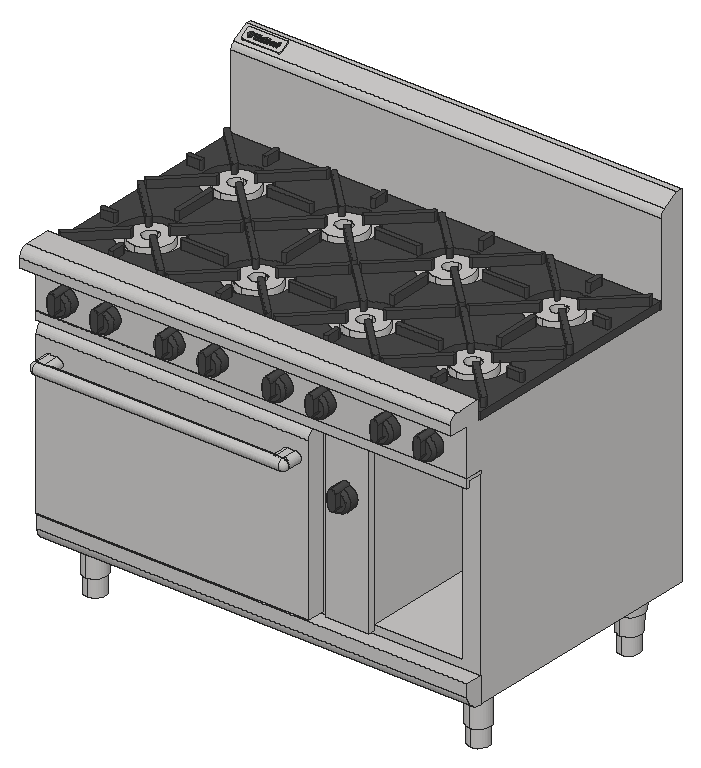
Revit family "QF_MOFFAT WALDORF_RN8810G", category Specialty Equipment, Revit 2012
Parameters
  Width = 1200 mm
  Weight in Pounds = 258
  URL Cutsheet = "www.moffat.com"
  URL = "www.moffat.com"
  Type Mark [instance] = ""
  Status [instance] = ""
  Specification by User [instance] = ""
  Specification by Manufacturer = ""
  Show Logo [instance] = yes
  Show Clearance [instance] = yes
  Serial Number = ""
  Seismic Rating = ""
  SMACNA No = ""
  Revision Code [instance] = ""
  Omniclass Number and Title = ""
  NAFEM Spec ID Number = ""
  Model = "RN8810G"
  Mechanical Remarks = ""
  Mechanical Connection Type [instance] = ""
  Masterspec = ""
  Manufacturer = "MOFFAT WALDORF"
  Item Number [instance] = ""
  Installed By [instance] = ""
  Identify Quantity as Lot [instance] = yes
  Height = 1130 mm
  Gas Size = 3/4"
  Gas RI Height [instance] = 0 mm
  Gas KW [instance] = 70.5
  Gas Input [instance] = 240746.0 Btu/h
  Gas Connection Height = 0 mm
  Furnished By [instance] = ""
  Foodservice Equipment Identifier [instance] = yes
  Description = "RANGE GAS WITH STATIC OVEN"
  Depth = 805 mm
  CSI MasterFormat = ""
  CSI Master Format = ""
  Body Finish = QF_Finishes_Stainless Steel
Reference planes
  plane 1 "BACK": y = 0
  plane 2: z = 0
  plane 3 "LEFT": x = 0
  plane 4 "RIGHT": x = 1200
  plane 5 "FRONT": y = -805
  plane 6 "TOP": z = 1130
  plane 7 "Center Y": x = 600
  plane 8 "Center X": y = -402.5
  plane 9: x = 280
  plane 10: y = -574.272
  plane 11: x = 60
  plane 12: y = -304.972
  plane 13: y = -364.972
  plane 14: x = 74
  plane 15: y = -805
  plane 16: x = 1134.5
  plane 17: y = -32
  plane 18: z = 655
  plane 19: x = 65.5
  plane 20: x = 65.8
Forms (mm)
  Extrusion 1, solid, material "QF_Finishes_Stainless Steel" <- "Body Finish"
    sketch origin (0, 0, 0) x (0, 1, 0) y (0, 0, 1)
      loop
        line (0, 150) -> (0, 1130) -> (-16.5, 1130) -> (-58.709, 1105.631)
        arc (-58.709, 1105.631) -> (-66.975, 1097.365) -> (-70, 1086.074) r 22.582
        line (-70, 1086.074) -> (-70, 861.8) -> (-709, 861.8) -> (-709, 915) -> (-781, 915)
        arc (-781, 915) -> (-797.971, 907.971) -> (-805, 891) r 24
        line (-805, 891) -> (-805, 866) -> (-749, 866) -> (-749, 736.219) -> (-699, 736.219) -> (-699, 150) -> (0, 150)
      loop
        line (-700.93, 150.071) -> (-700.93, 222.5) -> (-746.73, 222.5) -> (-746.73, 188)
        arc (-746.73, 188) -> (-731.317, 159.995) -> (-700.93, 150.071) r 43.526
      loop
        line (-749, 710) -> (-740.224, 710) -> (-742.613, 726.999) -> (-700.93, 726.999) -> (-700.93, 734.003) -> (-749, 734.003) -> (-749, 710)
    from 0 to 1200
  Extrusion 2, solid, material "QF_Finishes_Stainless Steel"
    sketch origin (0, 0, 0) x (0, 1, 0) y (0, 0, 1)
      loop
        line (-699, 700) -> (-725, 700)
        arc (-725, 700) -> (-741.971, 692.971) -> (-749, 676) r 24
        line (-749, 676) -> (-749, 227.5) -> (-699, 227.5) -> (-699, 700)
    from 0 to 760
  Extrusion 3, solid, material "QF_Finishes_Stainless Steel"
    sketch origin (723.5, 0, 0) x (0, 1, 0) y (0, 0, 1)
      loop
        line (-699, 700) -> (-714, 700) -> (-714, 227.5) -> (-699, 227.5) -> (-699, 700)
    from 56.898 to 176.5
  Revolve 4, solid, material "QF_Finishes_Stainless Steel" <- "Body Finish"
    sketch origin (1134.5, -165, 0) x (0, 1, 0) y (0, 0, -1)
      loop
        line (33.25, -50) -> (31.418, -102.468) -> (26.406, -102.468) -> (22.247, -150) -> (65, -150) -> (65, 0) -> (37.5, 0) -> (37.5, -50) -> (33.25, -50)
      axis (65, -150) -> (65, 0)
    angle from 0 to 360
  Revolve 5, solid, material "QF_Finishes_Stainless Steel" <- "Body Finish"
    sketch origin (1134.5, -696.126, 0) x (0, 1, 0) y (0, 0, -1)
      loop
        line (39.376, -150) -> (71.126, -150) -> (71.126, 0) -> (43.626, 0) -> (43.626, -50) -> (39.376, -50) -> (39.376, -150)
      axis (71.126, -150) -> (71.126, 0)
    angle from 0 to 360
  Revolve 6, solid, material "QF_Finishes_Stainless Steel" <- "Body Finish"
    sketch origin (65.5, -165, 0) x (0, 1, 0) y (0, 0, 1)
      loop
        line (31.418, 102.468) -> (33.25, 50) -> (37.5, 50) -> (37.5, 0) -> (65, 0) -> (65, 150) -> (22.247, 150) -> (26.406, 102.468) -> (31.418, 102.468)
      axis (65, 150) -> (65, 0)
    angle from 0 to 360
  Revolve 7, solid, material "QF_Finishes_Stainless Steel" <- "Body Finish"
    sketch origin (65.5, -696.126, 0) x (0, 1, 0) y (0, 0, 1)
      loop
        line (39.376, 150) -> (39.376, 50) -> (43.626, 50) -> (43.626, 0) -> (71.126, 0) -> (71.126, 150) -> (39.376, 150)
      axis (71.126, 150) -> (71.126, 0)
    angle from 0 to 360
  Extrusion 8, solid, material "QF_Finishes_Stainless Steel"
    sketch origin (-64.5, 0, 325) x (1, 0, 0) y (0, 1, 0)
      loop
        circle (1134.5, -32) r 10
    from 330 to 374.856
  Extrusion 9, void
    sketch origin (0, -699, 640) x (0, 0, -1) y (-1, 0, 0)
      loop
        line (-36, -900) -> (-36, -1150) -> (397.5, -1150) -> (397.5, -900) -> (-36, -900)
    from 0 to 552.73
  Extrusion 10, solid, material "QF_Finishes_Black"
    sketch origin (0, -70, 861.8) x (0, -1, 0) y (1, 0, 0)
      loop
        arc (1, 4) -> (1.879, 1.879) -> (4, 1) r 3
        line (4, 1) -> (631, 1)
        arc (631, 1) -> (633.121, 1.879) -> (634, 4) r 3
        line (634, 4) -> (634, 1197)
        arc (634, 1197) -> (633.121, 1199.121) -> (631, 1200) r 3
        line (631, 1200) -> (4, 1200)
        arc (4, 1200) -> (1.879, 1199.121) -> (1, 1197) r 3
        line (1, 1197) -> (1, 4)
      loop
        circle (167.5, 150) r 85
      loop
        circle (167.5, 450) r 85
      loop
        circle (467.768, 150) r 85
      loop
        circle (467.768, 450) r 85
      loop
        circle (167.5, 750) r 85
      loop
        circle (467.768, 750) r 85
      loop
        circle (167.5, 1050) r 85
      loop
        circle (467.768, 1050) r 85
    from 0 to 19.5
  Extrusion 11, solid, material "QF_Finishes_Black"
    sketch origin (0, -70, 881.3) x (0, -1, 0) y (1, 0, 0)
      loop
        spline (323.602, 15.153) -> (322.681, 13.924) -> (322.131, 12.47) -> (321.99, 10.89) -> (322.267, 9.292) -> (322.943, 7.786) -> (323.973, 6.473) -> (325.286, 5.443) -> (326.792, 4.767) -> (328.39, 4.49) -> (329.97, 4.631) -> (331.424, 5.181) -> (332.653, 6.102)
        line (332.653, 6.102) -> (440.576, 114.025)
        spline (440.576, 114.025) -> (441.337, 115.095) -> (441.738, 116.399) -> (441.751, 117.851) -> (441.375, 119.35) -> (440.637, 120.795) -> (439.586, 122.086) -> (438.295, 123.137) -> (436.85, 123.875) -> (435.351, 124.251) -> (433.899, 124.238) -> (432.595, 123.837) -> (431.525, 123.076)
        line (431.525, 123.076) -> (323.602, 15.153)
      loop
        line (611.398, 15.153) -> (503.475, 123.076)
        spline (503.475, 123.076) -> (502.405, 123.837) -> (501.101, 124.238) -> (499.649, 124.251) -> (498.15, 123.875) -> (496.705, 123.137) -> (495.414, 122.086) -> (494.363, 120.795) -> (493.625, 119.35) -> (493.249, 117.851) -> (493.262, 116.399) -> (493.663, 115.095) -> (494.424, 114.025)
        line (494.424, 114.025) -> (602.347, 6.102)
        spline (602.347, 6.102) -> (603.416, 5.341) -> (604.721, 4.941) -> (606.172, 4.928) -> (607.671, 5.303) -> (609.116, 6.041) -> (610.408, 7.092) -> (611.459, 8.384) -> (612.197, 9.829) -> (612.572, 11.328) -> (612.559, 12.779) -> (612.159, 14.084) -> (611.398, 15.153)
      loop
        spline (375.602, 143.6) -> (376.896, 143.818) -> (378.102, 144.457) -> (379.138, 145.475) -> (379.932, 146.8) -> (380.432, 148.344) -> (380.602, 150) -> (380.432, 151.656) -> (379.932, 153.2) -> (379.138, 154.525) -> (378.102, 155.543) -> (376.896, 156.182) -> (375.602, 156.4)
        line (375.602, 156.4) -> (259.398, 156.4)
        spline (259.398, 156.4) -> (258.104, 156.182) -> (256.898, 155.543) -> (255.862, 154.525) -> (255.068, 153.2) -> (254.568, 151.656) -> (254.398, 150) -> (254.568, 148.344) -> (255.068, 146.8) -> (255.862, 145.475) -> (256.898, 144.457) -> (258.104, 143.818) -> (259.398, 143.6)
        line (259.398, 143.6) -> (375.602, 143.6)
      loop
        spline (23.602, 15.153) -> (22.681, 13.924) -> (22.131, 12.47) -> (21.99, 10.89) -> (22.267, 9.292) -> (22.943, 7.786) -> (23.973, 6.473) -> (25.286, 5.443) -> (26.792, 4.767) -> (28.39, 4.49) -> (29.97, 4.631) -> (31.424, 5.181) -> (32.653, 6.102)
        line (32.653, 6.102) -> (140.576, 114.025)
        spline (140.576, 114.025) -> (141.337, 115.095) -> (141.738, 116.399) -> (141.751, 117.851) -> (141.375, 119.35) -> (140.637, 120.795) -> (139.586, 122.086) -> (138.295, 123.137) -> (136.85, 123.875) -> (135.351, 124.251) -> (133.899, 124.238) -> (132.595, 123.837) -> (131.525, 123.076)
        line (131.525, 123.076) -> (23.602, 15.153)
      loop
        line (311.398, 15.153) -> (203.475, 123.076)
        spline (203.475, 123.076) -> (202.405, 123.837) -> (201.101, 124.238) -> (199.649, 124.251) -> (198.15, 123.875) -> (196.705, 123.137) -> (195.414, 122.086) -> (194.363, 120.795) -> (193.625, 119.35) -> (193.249, 117.851) -> (193.262, 116.399) -> (193.663, 115.095) -> (194.424, 114.025)
        line (194.424, 114.025) -> (302.347, 6.102)
        spline (302.347, 6.102) -> (303.416, 5.341) -> (304.721, 4.941) -> (306.172, 4.928) -> (307.671, 5.303) -> (309.116, 6.041) -> (310.408, 7.092) -> (311.459, 8.384) -> (312.197, 9.829) -> (312.572, 11.328) -> (312.559, 12.779) -> (312.159, 14.084) -> (311.398, 15.153)
      loop
        line (323.602, 284.847) -> (431.525, 176.924)
        spline (431.525, 176.924) -> (432.595, 176.163) -> (433.899, 175.762) -> (435.351, 175.749) -> (436.85, 176.125) -> (438.295, 176.863) -> (439.586, 177.914) -> (440.637, 179.205) -> (441.375, 180.65) -> (441.751, 182.149) -> (441.738, 183.601) -> (441.337, 184.905) -> (440.576, 185.975)
        line (440.576, 185.975) -> (332.653, 293.898)
        spline (332.653, 293.898) -> (331.424, 294.819) -> (329.97, 295.369) -> (328.39, 295.51) -> (326.792, 295.233) -> (325.286, 294.557) -> (323.973, 293.527) -> (322.943, 292.214) -> (322.267, 290.708) -> (321.99, 289.11) -> (322.131, 287.53) -> (322.681, 286.076) -> (323.602, 284.847)
      loop
        spline (611.398, 284.847) -> (612.159, 285.916) -> (612.559, 287.221) -> (612.572, 288.672) -> (612.197, 290.171) -> (611.459, 291.616) -> (610.408, 292.908) -> (609.116, 293.959) -> (607.671, 294.697) -> (606.172, 295.072) -> (604.721, 295.059) -> (603.416, 294.659) -> (602.347, 293.898)
        line (602.347, 293.898) -> (494.424, 185.975)
        spline (494.424, 185.975) -> (493.663, 184.905) -> (493.262, 183.601) -> (493.249, 182.149) -> (493.625, 180.65) -> (494.363, 179.205) -> (495.414, 177.914) -> (496.705, 176.863) -> (498.15, 176.125) -> (499.649, 175.749) -> (501.101, 175.762) -> (502.405, 176.163) -> (503.475, 176.924)
        line (503.475, 176.924) -> (611.398, 284.847)
      loop
        spline (461.1, 241.898) -> (461.318, 240.604) -> (461.957, 239.398) -> (462.975, 238.362) -> (464.3, 237.568) -> (465.844, 237.068) -> (467.5, 236.898) -> (469.156, 237.068) -> (470.7, 237.568) -> (472.025, 238.362) -> (473.043, 239.398) -> (473.682, 240.604) -> (473.9, 241.898)
        line (473.9, 241.898) -> (473.9, 358.102)
        spline (473.9, 358.102) -> (473.682, 359.396) -> (473.043, 360.602) -> (472.025, 361.638) -> (470.7, 362.432) -> (469.156, 362.932) -> (467.5, 363.102) -> (465.844, 362.932) -> (464.3, 362.432) -> (462.975, 361.638) -> (461.957, 360.602) -> (461.318, 359.396) -> (461.1, 358.102)
        line (461.1, 358.102) -> (461.1, 241.898)
      loop
        line (23.602, 284.847) -> (131.525, 176.924)
        spline (131.525, 176.924) -> (132.595, 176.163) -> (133.899, 175.762) -> (135.351, 175.749) -> (136.85, 176.125) -> (138.295, 176.863) -> (139.586, 177.914) -> (140.637, 179.205) -> (141.375, 180.65) -> (141.751, 182.149) -> (141.738, 183.601) -> (141.337, 184.905) -> (140.576, 185.975)
        line (140.576, 185.975) -> (32.653, 293.898)
        spline (32.653, 293.898) -> (31.424, 294.819) -> (29.97, 295.369) -> (28.39, 295.51) -> (26.792, 295.233) -> (25.286, 294.557) -> (23.973, 293.527) -> (22.943, 292.214) -> (22.267, 290.708) -> (21.99, 289.11) -> (22.131, 287.53) -> (22.681, 286.076) -> (23.602, 284.847)
      loop
        spline (311.398, 284.847) -> (312.159, 285.916) -> (312.559, 287.221) -> (312.572, 288.672) -> (312.197, 290.171) -> (311.459, 291.616) -> (310.408, 292.908) -> (309.116, 293.959) -> (307.671, 294.697) -> (306.172, 295.072) -> (304.721, 295.059) -> (303.416, 294.659) -> (302.347, 293.898)
        line (302.347, 293.898) -> (194.424, 185.975)
        spline (194.424, 185.975) -> (193.663, 184.905) -> (193.262, 183.601) -> (193.249, 182.149) -> (193.625, 180.65) -> (194.363, 179.205) -> (195.414, 177.914) -> (196.705, 176.863) -> (198.15, 176.125) -> (199.649, 175.749) -> (201.101, 175.762) -> (202.405, 176.163) -> (203.475, 176.924)
        line (203.475, 176.924) -> (311.398, 284.847)
      loop
        spline (161.1, 241.898) -> (161.318, 240.604) -> (161.957, 239.398) -> (162.975, 238.362) -> (164.3, 237.568) -> (165.844, 237.068) -> (167.5, 236.898) -> (169.156, 237.068) -> (170.7, 237.568) -> (172.025, 238.362) -> (173.043, 239.398) -> (173.682, 240.604) -> (173.9, 241.898)
        line (173.9, 241.898) -> (173.9, 358.102)
        spline (173.9, 358.102) -> (173.682, 359.396) -> (173.043, 360.602) -> (172.025, 361.638) -> (170.7, 362.432) -> (169.156, 362.932) -> (167.5, 363.102) -> (165.844, 362.932) -> (164.3, 362.432) -> (162.975, 361.638) -> (161.957, 360.602) -> (161.318, 359.396) -> (161.1, 358.102)
        line (161.1, 358.102) -> (161.1, 241.898)
      loop
        line (375.602, 456.4) -> (259.398, 456.4)
        spline (259.398, 456.4) -> (258.104, 456.182) -> (256.898, 455.543) -> (255.862, 454.525) -> (255.068, 453.2) -> (254.568, 451.656) -> (254.398, 450) -> (254.568, 448.344) -> (255.068, 446.8) -> (255.862, 445.475) -> (256.898, 444.457) -> (258.104, 443.818) -> (259.398, 443.6)
        line (259.398, 443.6) -> (375.602, 443.6)
        spline (375.602, 443.6) -> (376.896, 443.818) -> (378.102, 444.457) -> (379.138, 445.475) -> (379.932, 446.8) -> (380.432, 448.344) -> (380.602, 450) -> (380.432, 451.656) -> (379.932, 453.2) -> (379.138, 454.525) -> (378.102, 455.543) -> (376.896, 456.182) -> (375.602, 456.4)
      loop
        spline (323.602, 315.153) -> (322.681, 313.924) -> (322.131, 312.47) -> (321.99, 310.89) -> (322.267, 309.292) -> (322.943, 307.786) -> (323.973, 306.473) -> (325.286, 305.443) -> (326.792, 304.767) -> (328.39, 304.49) -> (329.97, 304.631) -> (331.424, 305.181) -> (332.653, 306.102)
        line (332.653, 306.102) -> (440.576, 414.025)
        spline (440.576, 414.025) -> (441.337, 415.095) -> (441.738, 416.399) -> (441.751, 417.851) -> (441.375, 419.35) -> (440.637, 420.795) -> (439.586, 422.086) -> (438.295, 423.137) -> (436.85, 423.875) -> (435.351, 424.251) -> (433.899, 424.238) -> (432.595, 423.837) -> (431.525, 423.076)
        line (431.525, 423.076) -> (323.602, 315.153)
      loop
        line (611.398, 315.153) -> (503.475, 423.076)
        spline (503.475, 423.076) -> (502.405, 423.837) -> (501.101, 424.238) -> (499.649, 424.251) -> (498.15, 423.875) -> (496.705, 423.137) -> (495.414, 422.086) -> (494.363, 420.795) -> (493.625, 419.35) -> (493.249, 417.851) -> (493.262, 416.399) -> (493.663, 415.095) -> (494.424, 414.025)
        line (494.424, 414.025) -> (602.347, 306.102)
        spline (602.347, 306.102) -> (603.416, 305.341) -> (604.721, 304.941) -> (606.172, 304.928) -> (607.671, 305.303) -> (609.116, 306.041) -> (610.408, 307.092) -> (611.459, 308.384) -> (612.197, 309.829) -> (612.572, 311.328) -> (612.559, 312.779) -> (612.159, 314.084) -> (611.398, 315.153)
      loop
        spline (23.602, 315.153) -> (22.681, 313.924) -> (22.131, 312.47) -> (21.99, 310.89) -> (22.267, 309.292) -> (22.943, 307.786) -> (23.973, 306.473) -> (25.286, 305.443) -> (26.792, 304.767) -> (28.39, 304.49) -> (29.97, 304.631) -> (31.424, 305.181) -> (32.653, 306.102)
        line (32.653, 306.102) -> (140.576, 414.025)
        spline (140.576, 414.025) -> (141.337, 415.095) -> (141.738, 416.399) -> (141.751, 417.851) -> (141.375, 419.35) -> (140.637, 420.795) -> (139.586, 422.086) -> (138.295, 423.137) -> (136.85, 423.875) -> (135.351, 424.251) -> (133.899, 424.238) -> (132.595, 423.837) -> (131.525, 423.076)
        line (131.525, 423.076) -> (23.602, 315.153)
      loop
        line (311.398, 315.153) -> (203.475, 423.076)
        spline (203.475, 423.076) -> (202.405, 423.837) -> (201.101, 424.238) -> (199.649, 424.251) -> (198.15, 423.875) -> (196.705, 423.137) -> (195.414, 422.086) -> (194.363, 420.795) -> (193.625, 419.35) -> (193.249, 417.851) -> (193.262, 416.399) -> (193.663, 415.095) -> (194.424, 414.025)
        line (194.424, 414.025) -> (302.347, 306.102)
        spline (302.347, 306.102) -> (303.416, 305.341) -> (304.721, 304.941) -> (306.172, 304.928) -> (307.671, 305.303) -> (309.116, 306.041) -> (310.408, 307.092) -> (311.459, 308.384) -> (312.197, 309.829) -> (312.572, 311.328) -> (312.559, 312.779) -> (312.159, 314.084) -> (311.398, 315.153)
      loop
        line (323.602, 584.847) -> (431.525, 476.924)
        spline (431.525, 476.924) -> (432.595, 476.163) -> (433.899, 475.762) -> (435.351, 475.749) -> (436.85, 476.125) -> (438.295, 476.863) -> (439.586, 477.914) -> (440.637, 479.205) -> (441.375, 480.65) -> (441.751, 482.149) -> (441.738, 483.601) -> (441.337, 484.905) -> (440.576, 485.975)
        line (440.576, 485.975) -> (332.653, 593.898)
        spline (332.653, 593.898) -> (331.424, 594.819) -> (329.97, 595.369) -> (328.39, 595.51) -> (326.792, 595.233) -> (325.286, 594.557) -> (323.973, 593.527) -> (322.943, 592.214) -> (322.267, 590.708) -> (321.99, 589.11) -> (322.131, 587.53) -> (322.681, 586.076) -> (323.602, 584.847)
      loop
        spline (611.398, 584.847) -> (612.159, 585.916) -> (612.559, 587.221) -> (612.572, 588.672) -> (612.197, 590.171) -> (611.459, 591.616) -> (610.408, 592.908) -> (609.116, 593.959) -> (607.671, 594.697) -> (606.172, 595.072) -> (604.721, 595.059) -> (603.416, 594.659) -> (602.347, 593.898)
        line (602.347, 593.898) -> (494.424, 485.975)
        spline (494.424, 485.975) -> (493.663, 484.905) -> (493.262, 483.601) -> (493.249, 482.149) -> (493.625, 480.65) -> (494.363, 479.205) -> (495.414, 477.914) -> (496.705, 476.863) -> (498.15, 476.125) -> (499.649, 475.749) -> (501.101, 475.762) -> (502.405, 476.163) -> (503.475, 476.924)
        line (503.475, 476.924) -> (611.398, 584.847)
      loop
        line (23.602, 584.847) -> (131.525, 476.924)
        spline (131.525, 476.924) -> (132.595, 476.163) -> (133.899, 475.762) -> (135.351, 475.749) -> (136.85, 476.125) -> (138.295, 476.863) -> (139.586, 477.914) -> (140.637, 479.205) -> (141.375, 480.65) -> (141.751, 482.149) -> (141.738, 483.601) -> (141.337, 484.905) -> (140.576, 485.975)
        line (140.576, 485.975) -> (32.653, 593.898)
        spline (32.653, 593.898) -> (31.424, 594.819) -> (29.97, 595.369) -> (28.39, 595.51) -> (26.792, 595.233) -> (25.286, 594.557) -> (23.973, 593.527) -> (22.943, 592.214) -> (22.267, 590.708) -> (21.99, 589.11) -> (22.131, 587.53) -> (22.681, 586.076) -> (23.602, 584.847)
      loop
        spline (311.398, 584.847) -> (312.159, 585.916) -> (312.559, 587.221) -> (312.572, 588.672) -> (312.197, 590.171) -> (311.459, 591.616) -> (310.408, 592.908) -> (309.116, 593.959) -> (307.671, 594.697) -> (306.172, 595.072) -> (304.721, 595.059) -> (303.416, 594.659) -> (302.347, 593.898)
        line (302.347, 593.898) -> (194.424, 485.975)
        spline (194.424, 485.975) -> (193.663, 484.905) -> (193.262, 483.601) -> (193.249, 482.149) -> (193.625, 480.65) -> (194.363, 479.205) -> (195.414, 477.914) -> (196.705, 476.863) -> (198.15, 476.125) -> (199.649, 475.749) -> (201.101, 475.762) -> (202.405, 476.163) -> (203.475, 476.924)
        line (203.475, 476.924) -> (311.398, 584.847)
      loop
        spline (461.1, 541.898) -> (461.318, 540.604) -> (461.957, 539.398) -> (462.975, 538.362) -> (464.3, 537.568) -> (465.844, 537.068) -> (467.5, 536.898) -> (469.156, 537.068) -> (470.7, 537.568) -> (472.025, 538.362) -> (473.043, 539.398) -> (473.682, 540.604) -> (473.9, 541.898)
        line (473.9, 541.898) -> (473.9, 658.102)
        spline (473.9, 658.102) -> (473.682, 659.396) -> (473.043, 660.602) -> (472.025, 661.638) -> (470.7, 662.432) -> (469.156, 662.932) -> (467.5, 663.102) -> (465.844, 662.932) -> (464.3, 662.432) -> (462.975, 661.638) -> (461.957, 660.602) -> (461.318, 659.396) -> (461.1, 658.102)
        line (461.1, 658.102) -> (461.1, 541.898)
      loop
        spline (161.1, 541.898) -> (161.318, 540.604) -> (161.957, 539.398) -> (162.975, 538.362) -> (164.3, 537.568) -> (165.844, 537.068) -> (167.5, 536.898) -> (169.156, 537.068) -> (170.7, 537.568) -> (172.025, 538.362) -> (173.043, 539.398) -> (173.682, 540.604) -> (173.9, 541.898)
        line (173.9, 541.898) -> (173.9, 658.102)
        spline (173.9, 658.102) -> (173.682, 659.396) -> (173.043, 660.602) -> (172.025, 661.638) -> (170.7, 662.432) -> (169.156, 662.932) -> (167.5, 663.102) -> (165.844, 662.932) -> (164.3, 662.432) -> (162.975, 661.638) -> (161.957, 660.602) -> (161.318, 659.396) -> (161.1, 658.102)
        line (161.1, 658.102) -> (161.1, 541.898)
      loop
        line (375.602, 756.4) -> (259.398, 756.4)
        spline (259.398, 756.4) -> (258.104, 756.182) -> (256.898, 755.543) -> (255.862, 754.525) -> (255.068, 753.2) -> (254.568, 751.656) -> (254.398, 750) -> (254.568, 748.344) -> (255.068, 746.8) -> (255.862, 745.475) -> (256.898, 744.457) -> (258.104, 743.818) -> (259.398, 743.6)
        line (259.398, 743.6) -> (375.602, 743.6)
        spline (375.602, 743.6) -> (376.896, 743.818) -> (378.102, 744.457) -> (379.138, 745.475) -> (379.932, 746.8) -> (380.432, 748.344) -> (380.602, 750) -> (380.432, 751.656) -> (379.932, 753.2) -> (379.138, 754.525) -> (378.102, 755.543) -> (376.896, 756.182) -> (375.602, 756.4)
      loop
        spline (323.602, 615.153) -> (322.681, 613.924) -> (322.131, 612.47) -> (321.99, 610.89) -> (322.267, 609.292) -> (322.943, 607.786) -> (323.973, 606.473) -> (325.286, 605.443) -> (326.792, 604.767) -> (328.39, 604.49) -> (329.97, 604.631) -> (331.424, 605.181) -> (332.653, 606.102)
        line (332.653, 606.102) -> (440.576, 714.025)
        spline (440.576, 714.025) -> (441.337, 715.095) -> (441.738, 716.399) -> (441.751, 717.851) -> (441.375, 719.35) -> (440.637, 720.795) -> (439.586, 722.086) -> (438.295, 723.137) -> (436.85, 723.875) -> (435.351, 724.251) -> (433.899, 724.238) -> (432.595, 723.837) -> (431.525, 723.076)
        line (431.525, 723.076) -> (323.602, 615.153)
      loop
        line (611.398, 615.153) -> (503.475, 723.076)
        spline (503.475, 723.076) -> (502.405, 723.837) -> (501.101, 724.238) -> (499.649, 724.251) -> (498.15, 723.875) -> (496.705, 723.137) -> (495.414, 722.086) -> (494.363, 720.795) -> (493.625, 719.35) -> (493.249, 717.851) -> (493.262, 716.399) -> (493.663, 715.095) -> (494.424, 714.025)
        line (494.424, 714.025) -> (602.347, 606.102)
        spline (602.347, 606.102) -> (603.416, 605.341) -> (604.721, 604.941) -> (606.172, 604.928) -> (607.671, 605.303) -> (609.116, 606.041) -> (610.408, 607.092) -> (611.459, 608.384) -> (612.197, 609.829) -> (612.572, 611.328) -> (612.559, 612.779) -> (612.159, 614.084) -> (611.398, 615.153)
      loop
        spline (23.602, 615.153) -> (22.681, 613.924) -> (22.131, 612.47) -> (21.99, 610.89) -> (22.267, 609.292) -> (22.943, 607.786) -> (23.973, 606.473) -> (25.286, 605.443) -> (26.792, 604.767) -> (28.39, 604.49) -> (29.97, 604.631) -> (31.424, 605.181) -> (32.653, 606.102)
        line (32.653, 606.102) -> (140.576, 714.025)
        spline (140.576, 714.025) -> (141.337, 715.095) -> (141.738, 716.399) -> (141.751, 717.851) -> (141.375, 719.35) -> (140.637, 720.795) -> (139.586, 722.086) -> (138.295, 723.137) -> (136.85, 723.875) -> (135.351, 724.251) -> (133.899, 724.238) -> (132.595, 723.837) -> (131.525, 723.076)
        line (131.525, 723.076) -> (23.602, 615.153)
      loop
        line (311.398, 615.153) -> (203.475, 723.076)
        spline (203.475, 723.076) -> (202.405, 723.837) -> (201.101, 724.238) -> (199.649, 724.251) -> (198.15, 723.875) -> (196.705, 723.137) -> (195.414, 722.086) -> (194.363, 720.795) -> (193.625, 719.35) -> (193.249, 717.851) -> (193.262, 716.399) -> (193.663, 715.095) -> (194.424, 714.025)
        line (194.424, 714.025) -> (302.347, 606.102)
        spline (302.347, 606.102) -> (303.416, 605.341) -> (304.721, 604.941) -> (306.172, 604.928) -> (307.671, 605.303) -> (309.116, 606.041) -> (310.408, 607.092) -> (311.459, 608.384) -> (312.197, 609.829) -> (312.572, 611.328) -> (312.559, 612.779) -> (312.159, 614.084) -> (311.398, 615.153)
      loop
        line (323.602, 884.847) -> (431.525, 776.924)
        spline (431.525, 776.924) -> (432.595, 776.163) -> (433.899, 775.762) -> (435.351, 775.749) -> (436.85, 776.125) -> (438.295, 776.863) -> (439.586, 777.914) -> (440.637, 779.205) -> (441.375, 780.65) -> (441.751, 782.149) -> (441.738, 783.601) -> (441.337, 784.905) -> (440.576, 785.975)
        line (440.576, 785.975) -> (332.653, 893.898)
        spline (332.653, 893.898) -> (331.424, 894.819) -> (329.97, 895.369) -> (328.39, 895.51) -> (326.792, 895.233) -> (325.286, 894.557) -> (323.973, 893.527) -> (322.943, 892.214) -> (322.267, 890.708) -> (321.99, 889.11) -> (322.131, 887.53) -> (322.681, 886.076) -> (323.602, 884.847)
      loop
        spline (611.398, 884.847) -> (612.159, 885.916) -> (612.559, 887.221) -> (612.572, 888.672) -> (612.197, 890.171) -> (611.459, 891.616) -> (610.408, 892.908) -> (609.116, 893.959) -> (607.671, 894.697) -> (606.172, 895.072) -> (604.721, 895.059) -> (603.416, 894.659) -> (602.347, 893.898)
        line (602.347, 893.898) -> (494.424, 785.975)
        spline (494.424, 785.975) -> (493.663, 784.905) -> (493.262, 783.601) -> (493.249, 782.149) -> (493.625, 780.65) -> (494.363, 779.205) -> (495.414, 777.914) -> (496.705, 776.863) -> (498.15, 776.125) -> (499.649, 775.749) -> (501.101, 775.762) -> (502.405, 776.163) -> (503.475, 776.924)
        line (503.475, 776.924) -> (611.398, 884.847)
      loop
        line (23.602, 884.847) -> (131.525, 776.924)
        spline (131.525, 776.924) -> (132.595, 776.163) -> (133.899, 775.762) -> (135.351, 775.749) -> (136.85, 776.125) -> (138.295, 776.863) -> (139.586, 777.914) -> (140.637, 779.205) -> (141.375, 780.65) -> (141.751, 782.149) -> (141.738, 783.601) -> (141.337, 784.905) -> (140.576, 785.975)
        line (140.576, 785.975) -> (32.653, 893.898)
        spline (32.653, 893.898) -> (31.424, 894.819) -> (29.97, 895.369) -> (28.39, 895.51) -> (26.792, 895.233) -> (25.286, 894.557) -> (23.973, 893.527) -> (22.943, 892.214) -> (22.267, 890.708) -> (21.99, 889.11) -> (22.131, 887.53) -> (22.681, 886.076) -> (23.602, 884.847)
      loop
        spline (311.398, 884.847) -> (312.159, 885.916) -> (312.559, 887.221) -> (312.572, 888.672) -> (312.197, 890.171) -> (311.459, 891.616) -> (310.408, 892.908) -> (309.116, 893.959) -> (307.671, 894.697) -> (306.172, 895.072) -> (304.721, 895.059) -> (303.416, 894.659) -> (302.347, 893.898)
        line (302.347, 893.898) -> (194.424, 785.975)
        spline (194.424, 785.975) -> (193.663, 784.905) -> (193.262, 783.601) -> (193.249, 782.149) -> (193.625, 780.65) -> (194.363, 779.205) -> (195.414, 777.914) -> (196.705, 776.863) -> (198.15, 776.125) -> (199.649, 775.749) -> (201.101, 775.762) -> (202.405, 776.163) -> (203.475, 776.924)
        line (203.475, 776.924) -> (311.398, 884.847)
      loop
        line (323.602, 1184.847) -> (431.525, 1076.924)
        spline (431.525, 1076.924) -> (432.595, 1076.163) -> (433.899, 1075.762) -> (435.351, 1075.749) -> (436.85, 1076.125) -> (438.295, 1076.863) -> (439.586, 1077.914) -> (440.637, 1079.205) -> (441.375, 1080.65) -> (441.751, 1082.149) -> (441.738, 1083.601) -> (441.337, 1084.905) -> (440.576, 1085.975)
        line (440.576, 1085.975) -> (332.653, 1193.898)
        spline (332.653, 1193.898) -> (331.424, 1194.819) -> (329.97, 1195.369) -> (328.39, 1195.51) -> (326.792, 1195.233) -> (325.286, 1194.557) -> (323.973, 1193.527) -> (322.943, 1192.214) -> (322.267, 1190.708) -> (321.99, 1189.11) -> (322.131, 1187.53) -> (322.681, 1186.076) -> (323.602, 1184.847)
      loop
        spline (611.398, 1184.847) -> (612.159, 1185.916) -> (612.559, 1187.221) -> (612.572, 1188.672) -> (612.197, 1190.171) -> (611.459, 1191.616) -> (610.408, 1192.908) -> (609.116, 1193.959) -> (607.671, 1194.697) -> (606.172, 1195.072) -> (604.721, 1195.059) -> (603.416, 1194.659) -> (602.347, 1193.898)
        line (602.347, 1193.898) -> (494.424, 1085.975)
        spline (494.424, 1085.975) -> (493.663, 1084.905) -> (493.262, 1083.601) -> (493.249, 1082.149) -> (493.625, 1080.65) -> (494.363, 1079.205) -> (495.414, 1077.914) -> (496.705, 1076.863) -> (498.15, 1076.125) -> (499.649, 1075.749) -> (501.101, 1075.762) -> (502.405, 1076.163) -> (503.475, 1076.924)
        line (503.475, 1076.924) -> (611.398, 1184.847)
      loop
        line (375.602, 1056.4) -> (259.398, 1056.4)
        spline (259.398, 1056.4) -> (258.104, 1056.182) -> (256.898, 1055.543) -> (255.862, 1054.525) -> (255.068, 1053.2) -> (254.568, 1051.656) -> (254.398, 1050) -> (254.568, 1048.344) -> (255.068, 1046.8) -> (255.862, 1045.475) -> (256.898, 1044.457) -> (258.104, 1043.818) -> (259.398, 1043.6)
        line (259.398, 1043.6) -> (375.602, 1043.6)
        spline (375.602, 1043.6) -> (376.896, 1043.818) -> (378.102, 1044.457) -> (379.138, 1045.475) -> (379.932, 1046.8) -> (380.432, 1048.344) -> (380.602, 1050) -> (380.432, 1051.656) -> (379.932, 1053.2) -> (379.138, 1054.525) -> (378.102, 1055.543) -> (376.896, 1056.182) -> (375.602, 1056.4)
      loop
        line (23.602, 1184.847) -> (131.525, 1076.924)
        spline (131.525, 1076.924) -> (132.595, 1076.163) -> (133.899, 1075.762) -> (135.351, 1075.749) -> (136.85, 1076.125) -> (138.295, 1076.863) -> (139.586, 1077.914) -> (140.637, 1079.205) -> (141.375, 1080.65) -> (141.751, 1082.149) -> (141.738, 1083.601) -> (141.337, 1084.905) -> (140.576, 1085.975)
        line (140.576, 1085.975) -> (32.653, 1193.898)
        spline (32.653, 1193.898) -> (31.424, 1194.819) -> (29.97, 1195.369) -> (28.39, 1195.51) -> (26.792, 1195.233) -> (25.286, 1194.557) -> (23.973, 1193.527) -> (22.943, 1192.214) -> (22.267, 1190.708) -> (21.99, 1189.11) -> (22.131, 1187.53) -> (22.681, 1186.076) -> (23.602, 1184.847)
      loop
        spline (311.398, 1184.847) -> (312.159, 1185.916) -> (312.559, 1187.221) -> (312.572, 1188.672) -> (312.197, 1190.171) -> (311.459, 1191.616) -> (310.408, 1192.908) -> (309.116, 1193.959) -> (307.671, 1194.697) -> (306.172, 1195.072) -> (304.721, 1195.059) -> (303.416, 1194.659) -> (302.347, 1193.898)
        line (302.347, 1193.898) -> (194.424, 1085.975)
        spline (194.424, 1085.975) -> (193.663, 1084.905) -> (193.262, 1083.601) -> (193.249, 1082.149) -> (193.625, 1080.65) -> (194.363, 1079.205) -> (195.414, 1077.914) -> (196.705, 1076.863) -> (198.15, 1076.125) -> (199.649, 1075.749) -> (201.101, 1075.762) -> (202.405, 1076.163) -> (203.475, 1076.924)
        line (203.475, 1076.924) -> (311.398, 1184.847)
      loop
        spline (323.602, 915.153) -> (322.681, 913.924) -> (322.131, 912.47) -> (321.99, 910.89) -> (322.267, 909.292) -> (322.943, 907.786) -> (323.973, 906.473) -> (325.286, 905.443) -> (326.792, 904.767) -> (328.39, 904.49) -> (329.97, 904.631) -> (331.424, 905.181) -> (332.653, 906.102)
        line (332.653, 906.102) -> (440.576, 1014.025)
        spline (440.576, 1014.025) -> (441.337, 1015.095) -> (441.738, 1016.399) -> (441.751, 1017.851) -> (441.375, 1019.35) -> (440.637, 1020.795) -> (439.586, 1022.086) -> (438.295, 1023.137) -> (436.85, 1023.875) -> (435.351, 1024.251) -> (433.899, 1024.238) -> (432.595, 1023.837) -> (431.525, 1023.076)
        line (431.525, 1023.076) -> (323.602, 915.153)
      loop
        line (611.398, 915.153) -> (503.475, 1023.076)
        spline (503.475, 1023.076) -> (502.405, 1023.837) -> (501.101, 1024.238) -> (499.649, 1024.251) -> (498.15, 1023.875) -> (496.705, 1023.137) -> (495.414, 1022.086) -> (494.363, 1020.795) -> (493.625, 1019.35) -> (493.249, 1017.851) -> (493.262, 1016.399) -> (493.663, 1015.095) -> (494.424, 1014.025)
        line (494.424, 1014.025) -> (602.347, 906.102)
        spline (602.347, 906.102) -> (603.416, 905.341) -> (604.721, 904.941) -> (606.172, 904.928) -> (607.671, 905.303) -> (609.116, 906.041) -> (610.408, 907.092) -> (611.459, 908.384) -> (612.197, 909.829) -> (612.572, 911.328) -> (612.559, 912.779) -> (612.159, 914.084) -> (611.398, 915.153)
      loop
        spline (23.602, 915.153) -> (22.681, 913.924) -> (22.131, 912.47) -> (21.99, 910.89) -> (22.267, 909.292) -> (22.943, 907.786) -> (23.973, 906.473) -> (25.286, 905.443) -> (26.792, 904.767) -> (28.39, 904.49) -> (29.97, 904.631) -> (31.424, 905.181) -> (32.653, 906.102)
        line (32.653, 906.102) -> (140.576, 1014.025)
        spline (140.576, 1014.025) -> (141.337, 1015.095) -> (141.738, 1016.399) -> (141.751, 1017.851) -> (141.375, 1019.35) -> (140.637, 1020.795) -> (139.586, 1022.086) -> (138.295, 1023.137) -> (136.85, 1023.875) -> (135.351, 1024.251) -> (133.899, 1024.238) -> (132.595, 1023.837) -> (131.525, 1023.076)
        line (131.525, 1023.076) -> (23.602, 915.153)
      loop
        line (311.398, 915.153) -> (203.475, 1023.076)
        spline (203.475, 1023.076) -> (202.405, 1023.837) -> (201.101, 1024.238) -> (199.649, 1024.251) -> (198.15, 1023.875) -> (196.705, 1023.137) -> (195.414, 1022.086) -> (194.363, 1020.795) -> (193.625, 1019.35) -> (193.249, 1017.851) -> (193.262, 1016.399) -> (193.663, 1015.095) -> (194.424, 1014.025)
        line (194.424, 1014.025) -> (302.347, 906.102)
        spline (302.347, 906.102) -> (303.416, 905.341) -> (304.721, 904.941) -> (306.172, 904.928) -> (307.671, 905.303) -> (309.116, 906.041) -> (310.408, 907.092) -> (311.459, 908.384) -> (312.197, 909.829) -> (312.572, 911.328) -> (312.559, 912.779) -> (312.159, 914.084) -> (311.398, 915.153)
      loop
        line (461.1, 958.102) -> (461.1, 841.898)
        spline (461.1, 841.898) -> (461.318, 840.604) -> (461.957, 839.398) -> (462.975, 838.362) -> (464.3, 837.568) -> (465.844, 837.068) -> (467.5, 836.898) -> (469.156, 837.068) -> (470.7, 837.568) -> (472.025, 838.362) -> (473.043, 839.398) -> (473.682, 840.604) -> (473.9, 841.898)
        line (473.9, 841.898) -> (473.9, 958.102)
        spline (473.9, 958.102) -> (473.682, 959.396) -> (473.043, 960.602) -> (472.025, 961.638) -> (470.7, 962.432) -> (469.156, 962.932) -> (467.5, 963.102) -> (465.844, 962.932) -> (464.3, 962.432) -> (462.975, 961.638) -> (461.957, 960.602) -> (461.318, 959.396) -> (461.1, 958.102)
      loop
        line (161.1, 958.102) -> (161.1, 841.898)
        spline (161.1, 841.898) -> (161.318, 840.604) -> (161.957, 839.398) -> (162.975, 838.362) -> (164.3, 837.568) -> (165.844, 837.068) -> (167.5, 836.898) -> (169.156, 837.068) -> (170.7, 837.568) -> (172.025, 838.362) -> (173.043, 839.398) -> (173.682, 840.604) -> (173.9, 841.898)
        line (173.9, 841.898) -> (173.9, 958.102)
        spline (173.9, 958.102) -> (173.682, 959.396) -> (173.043, 960.602) -> (172.025, 961.638) -> (170.7, 962.432) -> (169.156, 962.932) -> (167.5, 963.102) -> (165.844, 962.932) -> (164.3, 962.432) -> (162.975, 961.638) -> (161.957, 960.602) -> (161.318, 959.396) -> (161.1, 958.102)
      loop
        spline (65.602, 143.6) -> (66.896, 143.818) -> (68.102, 144.457) -> (69.138, 145.475) -> (69.932, 146.8) -> (70.432, 148.344) -> (70.602, 150) -> (70.432, 151.656) -> (69.932, 153.2) -> (69.138, 154.525) -> (68.102, 155.543) -> (66.896, 156.182) -> (65.602, 156.4)
        line (65.602, 156.4) -> (29.398, 156.4)
        spline (29.398, 156.4) -> (28.104, 156.182) -> (26.898, 155.543) -> (25.862, 154.525) -> (25.068, 153.2) -> (24.568, 151.656) -> (24.398, 150) -> (24.568, 148.344) -> (25.068, 146.8) -> (25.862, 145.475) -> (26.898, 144.457) -> (28.104, 143.818) -> (29.398, 143.6)
        line (29.398, 143.6) -> (65.602, 143.6)
      loop
        spline (65.602, 443.6) -> (66.896, 443.818) -> (68.102, 444.457) -> (69.138, 445.475) -> (69.932, 446.8) -> (70.432, 448.344) -> (70.602, 450) -> (70.432, 451.656) -> (69.932, 453.2) -> (69.138, 454.525) -> (68.102, 455.543) -> (66.896, 456.182) -> (65.602, 456.4)
        line (65.602, 456.4) -> (29.398, 456.4)
        spline (29.398, 456.4) -> (28.104, 456.182) -> (26.898, 455.543) -> (25.862, 454.525) -> (25.068, 453.2) -> (24.568, 451.656) -> (24.398, 450) -> (24.568, 448.344) -> (25.068, 446.8) -> (25.862, 445.475) -> (26.898, 444.457) -> (28.104, 443.818) -> (29.398, 443.6)
        line (29.398, 443.6) -> (65.602, 443.6)
      loop
        spline (65.602, 743.6) -> (66.896, 743.818) -> (68.102, 744.457) -> (69.138, 745.475) -> (69.932, 746.8) -> (70.432, 748.344) -> (70.602, 750) -> (70.432, 751.656) -> (69.932, 753.2) -> (69.138, 754.525) -> (68.102, 755.543) -> (66.896, 756.182) -> (65.602, 756.4)
        line (65.602, 756.4) -> (29.398, 756.4)
        spline (29.398, 756.4) -> (28.104, 756.182) -> (26.898, 755.543) -> (25.862, 754.525) -> (25.068, 753.2) -> (24.568, 751.656) -> (24.398, 750) -> (24.568, 748.344) -> (25.068, 746.8) -> (25.862, 745.475) -> (26.898, 744.457) -> (28.104, 743.818) -> (29.398, 743.6)
        line (29.398, 743.6) -> (65.602, 743.6)
      loop
        spline (65.602, 1043.6) -> (66.896, 1043.818) -> (68.102, 1044.457) -> (69.138, 1045.475) -> (69.932, 1046.8) -> (70.432, 1048.344) -> (70.602, 1050) -> (70.432, 1051.656) -> (69.932, 1053.2) -> (69.138, 1054.525) -> (68.102, 1055.543) -> (66.896, 1056.182) -> (65.602, 1056.4)
        line (65.602, 1056.4) -> (29.398, 1056.4)
        spline (29.398, 1056.4) -> (28.104, 1056.182) -> (26.898, 1055.543) -> (25.862, 1054.525) -> (25.068, 1053.2) -> (24.568, 1051.656) -> (24.398, 1050) -> (24.568, 1048.344) -> (25.068, 1046.8) -> (25.862, 1045.475) -> (26.898, 1044.457) -> (28.104, 1043.818) -> (29.398, 1043.6)
        line (29.398, 1043.6) -> (65.602, 1043.6)
      loop
        spline (605.602, 143.6) -> (606.896, 143.818) -> (608.102, 144.457) -> (609.138, 145.475) -> (609.932, 146.8) -> (610.432, 148.344) -> (610.602, 150) -> (610.432, 151.656) -> (609.932, 153.2) -> (609.138, 154.525) -> (608.102, 155.543) -> (606.896, 156.182) -> (605.602, 156.4)
        line (605.602, 156.4) -> (569.398, 156.4)
        spline (569.398, 156.4) -> (568.104, 156.182) -> (566.898, 155.543) -> (565.862, 154.525) -> (565.068, 153.2) -> (564.568, 151.656) -> (564.398, 150) -> (564.568, 148.344) -> (565.068, 146.8) -> (565.862, 145.475) -> (566.898, 144.457) -> (568.104, 143.818) -> (569.398, 143.6)
        line (569.398, 143.6) -> (605.602, 143.6)
      loop
        spline (605.602, 443.6) -> (606.896, 443.818) -> (608.102, 444.457) -> (609.138, 445.475) -> (609.932, 446.8) -> (610.432, 448.344) -> (610.602, 450) -> (610.432, 451.656) -> (609.932, 453.2) -> (609.138, 454.525) -> (608.102, 455.543) -> (606.896, 456.182) -> (605.602, 456.4)
        line (605.602, 456.4) -> (569.398, 456.4)
        spline (569.398, 456.4) -> (568.104, 456.182) -> (566.898, 455.543) -> (565.862, 454.525) -> (565.068, 453.2) -> (564.568, 451.656) -> (564.398, 450) -> (564.568, 448.344) -> (565.068, 446.8) -> (565.862, 445.475) -> (566.898, 444.457) -> (568.104, 443.818) -> (569.398, 443.6)
        line (569.398, 443.6) -> (605.602, 443.6)
      loop
        spline (605.602, 743.6) -> (606.896, 743.818) -> (608.102, 744.457) -> (609.138, 745.475) -> (609.932, 746.8) -> (610.432, 748.344) -> (610.602, 750) -> (610.432, 751.656) -> (609.932, 753.2) -> (609.138, 754.525) -> (608.102, 755.543) -> (606.896, 756.182) -> (605.602, 756.4)
        line (605.602, 756.4) -> (569.398, 756.4)
        spline (569.398, 756.4) -> (568.104, 756.182) -> (566.898, 755.543) -> (565.862, 754.525) -> (565.068, 753.2) -> (564.568, 751.656) -> (564.398, 750) -> (564.568, 748.344) -> (565.068, 746.8) -> (565.862, 745.475) -> (566.898, 744.457) -> (568.104, 743.818) -> (569.398, 743.6)
        line (569.398, 743.6) -> (605.602, 743.6)
      loop
        spline (605.602, 1043.6) -> (606.896, 1043.818) -> (608.102, 1044.457) -> (609.138, 1045.475) -> (609.932, 1046.8) -> (610.432, 1048.344) -> (610.602, 1050) -> (610.432, 1051.656) -> (609.932, 1053.2) -> (609.138, 1054.525) -> (608.102, 1055.543) -> (606.896, 1056.182) -> (605.602, 1056.4)
        line (605.602, 1056.4) -> (569.398, 1056.4)
        spline (569.398, 1056.4) -> (568.104, 1056.182) -> (566.898, 1055.543) -> (565.862, 1054.525) -> (565.068, 1053.2) -> (564.568, 1051.656) -> (564.398, 1050) -> (564.568, 1048.344) -> (565.068, 1046.8) -> (565.862, 1045.475) -> (566.898, 1044.457) -> (568.104, 1043.818) -> (569.398, 1043.6)
        line (569.398, 1043.6) -> (605.602, 1043.6)
      loop
        line (460.626, 1184.352) -> (460.626, 1150.359)
        spline (460.626, 1150.359) -> (460.844, 1149.065) -> (461.483, 1147.859) -> (462.501, 1146.823) -> (463.826, 1146.029) -> (465.37, 1145.529) -> (467.026, 1145.359) -> (468.682, 1145.529) -> (470.226, 1146.029) -> (471.551, 1146.823) -> (472.569, 1147.859) -> (473.208, 1149.065) -> (473.426, 1150.359)
        line (473.426, 1150.359) -> (473.426, 1184.352)
        spline (473.426, 1184.352) -> (473.208, 1185.646) -> (472.569, 1186.852) -> (471.551, 1187.888) -> (470.226, 1188.682) -> (468.682, 1189.182) -> (467.026, 1189.352) -> (465.37, 1189.182) -> (463.826, 1188.682) -> (462.501, 1187.888) -> (461.483, 1186.852) -> (460.844, 1185.646) -> (460.626, 1184.352)
      loop
        line (160.11, 1184.352) -> (160.11, 1150.359)
        spline (160.11, 1150.359) -> (160.328, 1149.065) -> (160.967, 1147.859) -> (161.984, 1146.823) -> (163.31, 1146.029) -> (164.853, 1145.529) -> (166.51, 1145.359) -> (168.166, 1145.529) -> (169.71, 1146.029) -> (171.035, 1146.823) -> (172.052, 1147.859) -> (172.692, 1149.065) -> (172.91, 1150.359)
        line (172.91, 1150.359) -> (172.91, 1184.352)
        spline (172.91, 1184.352) -> (172.692, 1185.646) -> (172.052, 1186.852) -> (171.035, 1187.888) -> (169.71, 1188.682) -> (168.166, 1189.182) -> (166.51, 1189.352) -> (164.853, 1189.182) -> (163.31, 1188.682) -> (161.984, 1187.888) -> (160.967, 1186.852) -> (160.328, 1185.646) -> (160.11, 1184.352)
      loop
        line (460.626, 50.584) -> (460.626, 16.591)
        spline (460.626, 16.591) -> (460.844, 15.297) -> (461.483, 14.091) -> (462.501, 13.055) -> (463.826, 12.261) -> (465.37, 11.761) -> (467.026, 11.591) -> (468.682, 11.761) -> (470.226, 12.261) -> (471.551, 13.055) -> (472.569, 14.091) -> (473.208, 15.297) -> (473.426, 16.591)
        line (473.426, 16.591) -> (473.426, 50.584)
        spline (473.426, 50.584) -> (473.208, 51.878) -> (472.569, 53.084) -> (471.551, 54.119) -> (470.226, 54.914) -> (468.682, 55.413) -> (467.026, 55.584) -> (465.37, 55.413) -> (463.826, 54.914) -> (462.501, 54.119) -> (461.483, 53.084) -> (460.844, 51.878) -> (460.626, 50.584)
      loop
        line (160.11, 50.584) -> (160.11, 16.591)
        spline (160.11, 16.591) -> (160.328, 15.297) -> (160.967, 14.091) -> (161.984, 13.055) -> (163.31, 12.261) -> (164.853, 11.761) -> (166.51, 11.591) -> (168.166, 11.761) -> (169.71, 12.261) -> (171.035, 13.055) -> (172.052, 14.091) -> (172.692, 15.297) -> (172.91, 16.591)
        line (172.91, 16.591) -> (172.91, 50.584)
        spline (172.91, 50.584) -> (172.692, 51.878) -> (172.052, 53.084) -> (171.035, 54.119) -> (169.71, 54.914) -> (168.166, 55.413) -> (166.51, 55.584) -> (164.853, 55.413) -> (163.31, 54.914) -> (161.984, 54.119) -> (160.967, 53.084) -> (160.328, 51.878) -> (160.11, 50.584)
    from 0 to 23.5
  Revolve 12, solid, material "QF_Finishes_Black"
    sketch origin (810.601, 38.874, -0.118) x (0, 1, 0) y (0, 0, 1)
      loop
        line (-820.874, 829.5) -> (-831.874, 823.651) -> (-831.874, 797) -> (-787.874, 797) -> (-787.874, 802) -> (-797.874, 802) -> (-797.874, 829.5) -> (-820.874, 829.5)
      axis (-831.874, 797) -> (-787.874, 797)
    angle from 0 to 360
  Revolve 13, solid, material "QF_Finishes_Black"
    sketch origin (690.601, 38.874, -0.118) x (0, 1, 0) y (0, 0, 1)
      loop
        line (-820.874, 829.5) -> (-831.874, 823.651) -> (-831.874, 797) -> (-787.874, 797) -> (-787.874, 802) -> (-797.874, 802) -> (-797.874, 829.5) -> (-820.874, 829.5)
      axis (-831.874, 797) -> (-787.874, 797)
    angle from 0 to 360
  Revolve 14, solid, material "QF_Finishes_Black"
    sketch origin (90.649, 38.874, -0.118) x (0, 1, 0) y (0, 0, -1)
      loop
        line (-820.874, -829.5) -> (-797.874, -829.5) -> (-797.874, -802) -> (-787.874, -802) -> (-787.874, -797) -> (-831.874, -797) -> (-831.874, -823.651) -> (-820.874, -829.5)
      axis (-831.874, -797) -> (-787.874, -797)
    angle from 0 to 360
  Revolve 15, solid, material "QF_Finishes_Black"
    sketch origin (210.649, 38.874, -0.118) x (0, 1, 0) y (0, 0, -1)
      loop
        line (-820.874, -829.5) -> (-797.874, -829.5) -> (-797.874, -802) -> (-787.874, -802) -> (-787.874, -797) -> (-831.874, -797) -> (-831.874, -823.651) -> (-820.874, -829.5)
      axis (-831.874, -797) -> (-787.874, -797)
    angle from 0 to 360
  Revolve 16, solid, material "QF_Finishes_Black"
    sketch origin (390, 38.874, -0.118) x (0, 1, 0) y (0, 0, -1)
      loop
        line (-820.874, -829.5) -> (-797.874, -829.5) -> (-797.874, -802) -> (-787.874, -802) -> (-787.874, -797) -> (-831.874, -797) -> (-831.874, -823.651) -> (-820.874, -829.5)
      axis (-831.874, -797) -> (-787.874, -797)
    angle from 0 to 360
  Revolve 17, solid, material "QF_Finishes_Black"
    sketch origin (510, 38.874, -0.118) x (0, 1, 0) y (0, 0, -1)
      loop
        line (-820.874, -829.5) -> (-797.874, -829.5) -> (-797.874, -802) -> (-787.874, -802) -> (-787.874, -797) -> (-831.874, -797) -> (-831.874, -823.651) -> (-820.874, -829.5)
      axis (-831.874, -797) -> (-787.874, -797)
    angle from 0 to 360
  Revolve 18, solid, material "QF_Finishes_Black"
    sketch origin (1110.576, 38.874, -0.118) x (0, 1, 0) y (0, 0, 1)
      loop
        line (-820.874, 829.5) -> (-831.874, 823.651) -> (-831.874, 797) -> (-787.874, 797) -> (-787.874, 802) -> (-797.874, 802) -> (-797.874, 829.5) -> (-820.874, 829.5)
      axis (-831.874, 797) -> (-787.874, 797)
    angle from 0 to 360
  Revolve 19, solid, material "QF_Finishes_Black"
    sketch origin (990.576, 38.874, -0.118) x (0, 1, 0) y (0, 0, 1)
      loop
        line (-820.874, 829.5) -> (-831.874, 823.651) -> (-831.874, 797) -> (-787.874, 797) -> (-787.874, 802) -> (-797.874, 802) -> (-797.874, 829.5) -> (-820.874, 829.5)
      axis (-831.874, 797) -> (-787.874, 797)
    angle from 0 to 360
  Extrusion 20, solid, material "QF_Finishes_Black"
    sketch origin (238.456, 0, -0.118) x (-1, 0, 0) y (0, 0, -1)
      loop
        arc (158.3, -789) -> (148.3, -779) -> (138.3, -789) r 10
        line (138.3, -789) -> (138.3, -824)
        arc (138.3, -824) -> (148.3, -834) -> (158.3, -824) r 10
        line (158.3, -824) -> (158.3, -789)
    from 759 to 808
  Extrusion 21, solid, material "QF_Finishes_Black"
    sketch origin (358.456, 0, -0.118) x (-1, 0, 0) y (0, 0, -1)
      loop
        arc (158.3, -789) -> (148.3, -779) -> (138.3, -789) r 10
        line (138.3, -789) -> (138.3, -824)
        arc (138.3, -824) -> (148.3, -834) -> (158.3, -824) r 10
        line (158.3, -824) -> (158.3, -789)
    from 759 to 808
  Extrusion 22, solid, material "QF_Finishes_Black"
    sketch origin (537.807, 0, -0.118) x (-1, 0, 0) y (0, 0, -1)
      loop
        arc (158.3, -789) -> (148.3, -779) -> (138.3, -789) r 10
        line (138.3, -789) -> (138.3, -824)
        arc (138.3, -824) -> (148.3, -834) -> (158.3, -824) r 10
        line (158.3, -824) -> (158.3, -789)
    from 759 to 808
  Extrusion 23, solid, material "QF_Finishes_Black"
    sketch origin (657.807, 0, -0.118) x (-1, 0, 0) y (0, 0, -1)
      loop
        arc (158.3, -789) -> (148.3, -779) -> (138.3, -789) r 10
        line (138.3, -789) -> (138.3, -824)
        arc (138.3, -824) -> (148.3, -834) -> (158.3, -824) r 10
        line (158.3, -824) -> (158.3, -789)
    from 759 to 808
  Extrusion 24, solid, material "QF_Finishes_Black"
    sketch origin (838.408, 0, -0.118) x (-1, 0, 0) y (0, 0, -1)
      loop
        arc (158.3, -789) -> (148.3, -779) -> (138.3, -789) r 10
        line (138.3, -789) -> (138.3, -824)
        arc (138.3, -824) -> (148.3, -834) -> (158.3, -824) r 10
        line (158.3, -824) -> (158.3, -789)
    from 759 to 808
  Extrusion 25, solid, material "QF_Finishes_Black"
    sketch origin (958.408, 0, -0.118) x (-1, 0, 0) y (0, 0, -1)
      loop
        arc (158.3, -789) -> (148.3, -779) -> (138.3, -789) r 10
        line (138.3, -789) -> (138.3, -824)
        arc (138.3, -824) -> (148.3, -834) -> (158.3, -824) r 10
        line (158.3, -824) -> (158.3, -789)
    from 759 to 808
  Extrusion 26, solid, material "QF_Finishes_Black"
    sketch origin (1138.383, 0, -0.118) x (-1, 0, 0) y (0, 0, -1)
      loop
        arc (158.3, -789) -> (148.3, -779) -> (138.3, -789) r 10
        line (138.3, -789) -> (138.3, -824)
        arc (138.3, -824) -> (148.3, -834) -> (158.3, -824) r 10
        line (158.3, -824) -> (158.3, -789)
    from 759 to 808
  Extrusion 27, solid, material "QF_Finishes_Black"
    sketch origin (1258.383, 0, -0.118) x (-1, 0, 0) y (0, 0, -1)
      loop
        arc (158.3, -789) -> (148.3, -779) -> (138.3, -789) r 10
        line (138.3, -789) -> (138.3, -824)
        arc (138.3, -824) -> (148.3, -834) -> (158.3, -824) r 10
        line (158.3, -824) -> (158.3, -789)
    from 759 to 808
  Revolve 28, solid, material "QF_Finishes_Black"
    sketch origin (836.851, 81.495, -246.368) x (0, 1, 0) y (0, 0, 1)
      loop
        line (-820.874, 829.5) -> (-831.874, 823.651) -> (-831.874, 797) -> (-787.874, 797) -> (-787.874, 802) -> (-797.874, 802) -> (-797.874, 829.5) -> (-820.874, 829.5)
      axis (-831.874, 797) -> (-787.874, 797)
    angle from 0 to 360
  Extrusion 29, solid, material "QF_Finishes_Black"
    sketch origin (389.044, 42.62, -246.368) x (1, 0, 0) y (0, 0, 1)
      loop
        line (458.3, 789) -> (458.3, 824)
        arc (458.3, 824) -> (448.3, 834) -> (438.3, 824) r 10
        line (438.3, 824) -> (438.3, 789)
        arc (438.3, 789) -> (448.3, 779) -> (458.3, 789) r 10
    from 759 to 808
  Extrusion 30, solid, material "QF_Door-Drawer Clearances", visible <- "Show Clearance", detail levels coarse
    sketch origin (760, 0, 0) x (0, 1, 0) y (0, 0, 1)
      loop
        arc (-749, 697.347) -> (-1081.232, 559.732) -> (-1218.847, 227.5) r 469.847
        line (-1218.847, 227.5) -> (-749, 227.5) -> (-749, 697.347)
    from 0 to -760
  Extrusion 31, void
    sketch origin (0, 0, 150) x (-1, 0, 0) y (0, -1, 0)
      loop
        line (-1133.988, 87.26) -> (-1133.988, -30.24) -> (-1004.488, -30.24) -> (-1004.488, 38.76) -> (-1052.988, 87.26) -> (-1133.988, 87.26)
    from 72.5 to 549.856
  Extrusion 32, solid, material "QF_Finishes_Stainless Steel"
    sketch origin (0, -70, 861.8) x (0, -1, 0) y (1, 0, 0)
      loop
        circle (167.5, 450) r 57
      loop
        circle (467.5, 450) r 57
      loop
        circle (467.5, 150) r 57
      loop
        circle (167.5, 150) r 57
      loop
        circle (467.5, 750) r 57
      loop
        circle (167.5, 750) r 57
      loop
        circle (467.5, 1050) r 57
      loop
        circle (167.5, 1050) r 57
      loop
        circle (467.5, 150) r 22
      loop
        circle (467.5, 450) r 22
      loop
        circle (467.5, 750) r 22
      loop
        circle (467.5, 1050) r 22
      loop
        circle (167.5, 1050) r 22
      loop
        circle (167.5, 750) r 22
      loop
        circle (167.5, 450) r 22
      loop
        circle (167.5, 150) r 22
    from 0 to 19.5
  Extrusion 33, solid, material "QF_Finishes_Stainless Steel"
    sketch origin (0, -749, 227.5) x (0, 0, 1) y (-1, 0, 0)
      loop
        line (380.625, -38.246) -> (380.625, -58.528)
        arc (380.625, -58.528) -> (395.625, -73.528) -> (410.625, -58.528) r 15
        line (410.625, -58.528) -> (410.625, -38.246)
        arc (410.625, -38.246) -> (395.625, -23.246) -> (380.625, -38.246) r 15
      loop
        arc (380.625, -723.039) -> (395.625, -738.039) -> (410.625, -723.039) r 15
        line (410.625, -723.039) -> (410.625, -702.757)
        arc (410.625, -702.757) -> (395.625, -687.757) -> (380.625, -702.757) r 15
        line (380.625, -702.757) -> (380.625, -723.039)
    from 0 to 44
  Revolve 34, solid, material "QF_Finishes_Stainless Steel"
    sketch origin (0, -793, 0) x (1, 0, 0) y (0, 0, 1)
      loop
        arc (738.039, 623.125) -> (733.646, 633.732) -> (723.039, 638.125) r 15
        line (723.039, 638.125) -> (38.246, 638.125)
        arc (38.246, 638.125) -> (27.64, 633.732) -> (23.246, 623.125) r 15
        line (23.246, 623.125) -> (738.039, 623.125)
      axis (738.039, 623.125) -> (23.246, 623.125)
    angle from 0 to 360
Cuts and joins
  Extrusion 9, Extrusion 31 cuts Extrusion 1
Lines and regions (mm)
  Split face 1
    outline origin (0, -16.5, 1130) x (0, -0.866025, -0.5) y (1, 0, 0)
      loop
        line (1.962, 129.583) -> (34.599, 129.583) -> (34.599, 149.583) -> (1.962, 149.583) -> (1.962, 129.583)
  Split face 2
    outline origin (0, -16.5, 1130) x (0, -0.866025, -0.5) y (1, 0, 0)
      loop
        line (34.599, 156.5) -> (34.599, 176.5) -> (1.962, 176.5) -> (1.962, 156.5) -> (34.599, 156.5)
  Split face 3
    outline origin (0, -16.5, 1130) x (0, -0.866025, -0.5) y (1, 0, 0)
      loop
        line (34.599, 203.5) -> (1.962, 203.5) -> (1.962, 183.5) -> (34.599, 183.5) -> (34.599, 203.5)
  Split face 4
    outline origin (0, -16.5, 1130) x (0, -0.866025, -0.5) y (1, 0, 0)
      loop
        line (34.599, 230.5) -> (1.962, 230.5) -> (1.962, 210.5) -> (34.599, 210.5) -> (34.599, 230.5)
  Split face 5
    outline origin (0, -16.5, 1130) x (0, -0.866025, -0.5) y (1, 0, 0)
      loop
        line (34.599, 257.5) -> (1.962, 257.5) -> (1.962, 237.5) -> (34.599, 237.5) -> (34.599, 257.5)
  Split face 6
    outline origin (54, -16.5, 1130) x (0, -0.866025, -0.5) y (1, 0, 0)
      loop
        line (34.599, 230.5) -> (1.962, 230.5) -> (1.962, 210.5) -> (34.599, 210.5) -> (34.599, 230.5)
  Split face 7
    outline origin (54, -16.5, 1130) x (0, -0.866025, -0.5) y (1, 0, 0)
      loop
        line (34.599, 257.5) -> (1.962, 257.5) -> (1.962, 237.5) -> (34.599, 237.5) -> (34.599, 257.5)
  Split face 8
    outline origin (135, -16.5, 1130) x (0, -0.866025, -0.5) y (1, 0, 0)
      loop
        line (34.599, 203.5) -> (1.962, 203.5) -> (1.962, 183.5) -> (34.599, 183.5) -> (34.599, 203.5)
  Split face 9
    outline origin (135, -16.5, 1130) x (0, -0.866025, -0.5) y (1, 0, 0)
      loop
        line (34.599, 230.5) -> (1.962, 230.5) -> (1.962, 210.5) -> (34.599, 210.5) -> (34.599, 230.5)
  Split face 10
    outline origin (135, -16.5, 1130) x (0, -0.866025, -0.5) y (1, 0, 0)
      loop
        line (34.599, 257.5) -> (1.962, 257.5) -> (1.962, 237.5) -> (34.599, 237.5) -> (34.599, 257.5)
  Split face 11
    outline origin (189, -16.5, 1130) x (0, -0.866025, -0.5) y (1, 0, 0)
      loop
        line (34.599, 230.5) -> (1.962, 230.5) -> (1.962, 210.5) -> (34.599, 210.5) -> (34.599, 230.5)
  Split face 12
    outline origin (189, -16.5, 1130) x (0, -0.866025, -0.5) y (1, 0, 0)
      loop
        line (34.599, 257.5) -> (1.962, 257.5) -> (1.962, 237.5) -> (34.599, 237.5) -> (34.599, 257.5)
  Split face 13
    outline origin (270, -16.5, 1130) x (0, -0.866025, -0.5) y (1, 0, 0)
      loop
        line (34.599, 203.5) -> (1.962, 203.5) -> (1.962, 183.5) -> (34.599, 183.5) -> (34.599, 203.5)
  Split face 14
    outline origin (270, -16.5, 1130) x (0, -0.866025, -0.5) y (1, 0, 0)
      loop
        line (34.599, 230.5) -> (1.962, 230.5) -> (1.962, 210.5) -> (34.599, 210.5) -> (34.599, 230.5)
  Split face 15
    outline origin (270, -16.5, 1130) x (0, -0.866025, -0.5) y (1, 0, 0)
      loop
        line (34.599, 257.5) -> (1.962, 257.5) -> (1.962, 237.5) -> (34.599, 237.5) -> (34.599, 257.5)
  Split face 16
    outline origin (324, -16.5, 1130) x (0, -0.866025, -0.5) y (1, 0, 0)
      loop
        line (34.599, 230.5) -> (1.962, 230.5) -> (1.962, 210.5) -> (34.599, 210.5) -> (34.599, 230.5)
  Split face 17
    outline origin (324, -16.5, 1130) x (0, -0.866025, -0.5) y (1, 0, 0)
      loop
        line (34.599, 257.5) -> (1.962, 257.5) -> (1.962, 237.5) -> (34.599, 237.5) -> (34.599, 257.5)
  Split face 18
    outline origin (405, -16.5, 1130) x (0, -0.866025, -0.5) y (1, 0, 0)
      loop
        line (34.599, 203.5) -> (1.962, 203.5) -> (1.962, 183.5) -> (34.599, 183.5) -> (34.599, 203.5)
